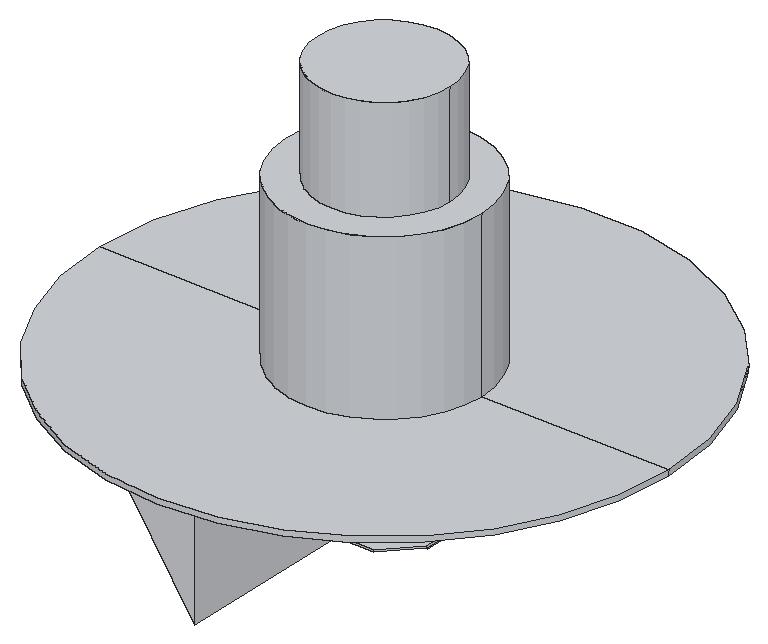
Revit family "XLQRHW", category Sprinklers, Revit 2019
Family settings
  Maintain Annotation Orientation = No
  Round Connector Dimension = Use Diameter
  Part Type = Normal
  OmniClass Number = 23.85.30.21
  OmniClass Title = Environmental Detection/Registration
  Work Plane-Based = No
  Always vertical = Yes
  Cut with Voids When Loaded = No
  Shared = No
  Room Calculation Point = No
Parameters (values of type "RASCO XL QR COMMERCIAL HSW")
  Temperature Rating = 165 °F
  Response = Quick
  RASCO SIN # = "R4534"
  RASCO Part # = "XLQRHCW"
  Pressure Rating = "175 PSI"
  Pressure Class = Standard
  Orifice Size = 7/16"
  Orifice = Standard
  Model = "XL QR COMMERCIAL  HSW"
  Manufacturer = "RASCO"
  K-Factor = 5.6
  Diameter = 5 5/128"
  Description = "WHITE FINISH"
  Coverage = Standard
Reference planes (in)
  plane 1 "Center (Front/Back)": y = 0
  plane 2: z = 0
  plane 3 "Center (Left/Right)": x = 0
Nested families (in)
  nested 1: "RASCO- XLQRHW" at (0, 1.12168, 0), type "RASCO XL QR COMMERCIAL HORIZONTAL SIDEWALL"
Connectors (in)
  piping at (0, 1.12168, 2.509), diameter 0.8125
    settings: on nested 1, index 1, connector inside diameter 24", connector length 0' - 0", flow factor 0, pipe flow 0 GPM, pressure drop 0.00 psi, fitting loss kfactor 0, connector angle 0.00°, fixture units 0, engagement length 0' - 0", angle of deflection 0.00°, flow configuration 0, flow direction 0, fitting loss method 0, system type 7, joint type 0, gender type 0, connector reference index -1, connector utility 0, adjustable connector no, is connector primary yes, connector description ""
Definition of nested family "RASCO- XLQRHW"
  Parameters (values of type "RASCO XL INSTITUTIONAL")
    Type Comments = ""
    Temperature Rating = 0 °F
    Response = (empty or 0)
    Pressure Rating = "0"
    Pressure Class = (empty or 0)
    Orifice Size = 0"
    Orifice = (empty or 0)
    Model = ""
    Manufacturer = ""
    K-Factor = 0
    Coverage = (empty or 0)
    Assembly Code = ""
  Reference planes (in)
    plane 1 "Center (Front/Back)": y = 0
    plane 2: z = 0
    plane 3 "Center (Left/Right)": x = 0
    plane 4 "ref.2": z = 0.873
    plane 5 "ref.3": z = 1.878
    plane 6 "ref. 4": z = 0.294
    plane 7: z = 0.166
    plane 8: z = 0.363
    plane 9 "ref. 5": z = 0.06291
  Forms (in)
    Extrusion 1, solid
      sketch origin (0, 0, 0.873) x (-1, 0, 0) y (0, -1, 0)
        loop
          circle (0, 0) r 0.598
      from 0 to 1.005
    Extrusion 2, solid
      sketch origin (0, 0, 1.75079) x (-1, 0, 0) y (0, -1, 0)
        loop
          circle (0, 0) r 0.405
      from 0.12721 to 0.75821
    Revolve 3, solid
      sketch origin (0, 0, 0.363) x (1, 0, 0) y (0, 0, 1)
        loop
          line (0, 0.51) -> (-1.75, 0.51) -> (-1.75, 0.475) -> (-0.628, 0) -> (0, 0) -> (0, 0.51)
        axis (0, 0.51) -> (0, 0)
      angle from 0 to 360
    Extrusion 4, solid
      sketch origin (0, 0, 0.294) x (0, -1, 0) y (1, 0, 0)
        loop
          circle (0, 0) r 0.614
      from 0.069 to 0
    Revolve 5, solid
      sketch origin (0, 0, 0) x (1, 0, 0) y (0, 0, 1)
        loop
          line (-0.5, 0.294) -> (-0.20877, 0.166) -> (0, 0.166) -> (0, 0.294) -> (-0.5, 0.294)
        axis (0, 0.294) -> (0, 0.166)
      angle from 0 to 360
    Extrusion 6, solid
      sketch origin (0, 0, 0) x (1, 0, 0) y (0, 0, 1)
        loop
          line (-0.34833, 0.24105) -> (-0.37436, 0.19597)
          arc (-0.37436, 0.19597) -> (-0.38219, 0.17257) -> (-0.38025, 0.14797) r 0.06189
          line (-0.38025, 0.14797) -> (-0.35586, 0.06291) -> (-0.39443, 0.0359) -> (-0.35853, 0) -> (-0.31379, 0.03133)
          arc (-0.31379, 0.03133) -> (-0.3038, 0.04447) -> (-0.30329, 0.06097) r 0.02708
          line (-0.30329, 0.06097) -> (-0.32899, 0.15061)
          arc (-0.32899, 0.15061) -> (-0.33022, 0.16619) -> (-0.32526, 0.18101) r 0.03919
          line (-0.32526, 0.18101) -> (-0.30503, 0.21605) -> (-0.34833, 0.24105)
        loop
          line (0.34833, 0.24105) -> (0.30503, 0.21605) -> (0.32526, 0.18101)
          arc (0.32526, 0.18101) -> (0.33022, 0.16619) -> (0.32899, 0.15061) r 0.03919
          line (0.32899, 0.15061) -> (0.30329, 0.06097)
          arc (0.30329, 0.06097) -> (0.3038, 0.04447) -> (0.31379, 0.03133) r 0.02708
          line (0.31379, 0.03133) -> (0.35853, 0) -> (0.39443, 0.0359) -> (0.35586, 0.06291) -> (0.38025, 0.14797)
          arc (0.38025, 0.14797) -> (0.38219, 0.17257) -> (0.37436, 0.19597) r 0.06189
          line (0.37436, 0.19597) -> (0.34833, 0.24105)
      from -0.11113 to 0.11041
    Extrusion 7, solid
      sketch origin (-0.0518, -0.12961, 0.06291) x (-1, 0, 0) y (0, -1, 0)
        loop
          line (0.19208, -0.51961) -> (0.3692, -0.32259) -> (0.3692, 0.06101) -> (0.18997, 0.26039) -> (-0.29859, 0.26039) -> (-0.4728, 0.06659) -> (-0.4728, -0.32111) -> (-0.29435, -0.51961) -> (0.19208, -0.51961)
      from 0 to 0.012
    Extrusion 8, solid
      sketch origin (0, 0, 0) x (1, 0, 0) y (0, 0, 1)
        loop
          line (-0.66, 0.363) -> (-0.66, 0.838) -> (-1.59355, 0.838) -> (-0.66, -0.54605) -> (-0.66, 0.363)
      from -0.635 to 0.635
